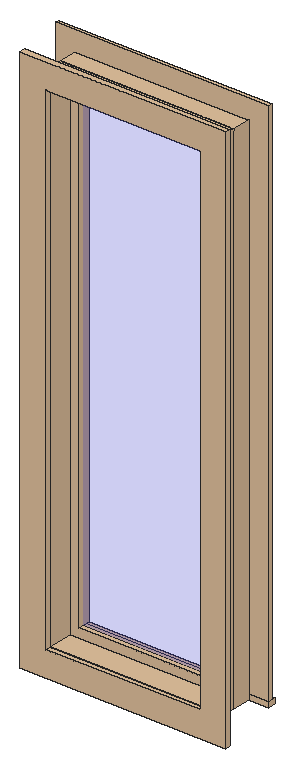
Revit family
Parameters (values of type "0610 x 1830mm")
  Glass Pane Material = Glass
  Height = 1830.00 mm
  Sash = Sash
  Default Sill Height = 610.00 mm
  Trim Exterior Material = Trim
  Trim Interior Material = Trim
  Trim Projection - Ext. = 13.00 mm
  Trim Projection - Int. = 19.00 mm
  Trim Width - Exterior = 89.00 mm
  Trim Width - Interior = 88.90 mm
  Wall Closure = (empty or 0)
  Width = 610.00 mm
  Window Inset = 19.00 mm
Types (10, lengths in mm): name | Height | Default Sill Height | Trim Projection - Int. | Trim Width - Interior | Width
  (no name) | 1830.00 | 610.00 | 19.00 | 88.90 | 610.00
  0915 x 1220mm | 1220.00 | 915.00 | 19.00 | 89.00 | 915.00
  0610 x 1220mm | 1220.00 | 915.00 | 19.00 | 89.00 | 610.00
  0610 x 0610mm | 610.00 | 915.00 | 9.00 | 89.00 | 610.00
  0406 x 0610mm | 610.00 | 915.00 | 19.00 | 89.00 | 406.00
  0406 x 1220mm | 1220.00 | 915.00 | 19.00 | 89.00 | 406.00
  0406 x 1830mm | 1830.00 | 305.00 | 19.00 | 89.00 | 406.00
  0610 x 1830mm | 1830.00 | 610.00 | 19.00 | 88.90 | 610.00
  0915 x 0610mm | 610.00 | 915.00 | 19.00 | 89.00 | 915.00
  0915 x 1830mm | 1830.00 | 305.00 | 19.00 | 89.00 | 915.00
Reference planes
  plane 1: y = 0
  plane 2: z = 0
  plane 3 "Center": x = 0
  plane 4 "Left": x = -305
  plane 5 "Right": x = 305
  plane 6 "Sill": z = 610
  plane 7 "Top": z = 2440
  plane 8: y = 76.2
  plane 9: y = -76.2
  plane 10: y = 57.2
  plane 11: x = -273.25
  plane 12: x = -285.95
  plane 13: x = -362.15
  plane 14: x = -374.95
  plane 15: x = 273.25
  plane 16: x = 362.15
  plane 17: x = 374.95
  plane 18: x = 285.95
  plane 19: z = 2497.15
  plane 20: z = 2509.95
  plane 21: z = 2408.25
  plane 22: z = 2420.95
  plane 23: z = 552.85
  plane 24: z = 641.75
  plane 25 "Closure": y = 28.625
Forms (mm)
  Extrusion 1, solid, material "Trim" <- "Trim Exterior Material"
    sketch origin (0, 0, 0) x (1, 0, 0) y (0, 0, 1)
      loop
        line (-305, 2440) -> (-305, 610) -> (305, 610) -> (305, 2440) -> (-305, 2440)
      loop
        line (-285.95, 2420.95) -> (-285.95, 629.05) -> (285.95, 629.05) -> (285.95, 2420.95) -> (-285.95, 2420.95)
    from -76.2 to -12.75
  Extrusion 2, solid, material "Trim" <- "Trim Interior Material"
    sketch origin (0, 0, 0) x (-1, 0, 0) y (0, 0, 1)
      loop
        line (-305, 2440) -> (-305, 610) -> (305, 610) -> (305, 2440) -> (-305, 2440)
      loop
        line (-273.25, 2408.25) -> (-273.25, 641.75) -> (273.25, 641.75) -> (273.25, 2408.25) -> (-273.25, 2408.25)
    from 12.75 to -76.2
  Extrusion 3, solid, material "Sash" <- "Sash"
    sketch origin (0, 0, 0) x (-1, 0, 0) y (0, 0, 1)
      loop
        line (-285.95, 2420.95) -> (-285.95, 629.05) -> (285.95, 629.05) -> (285.95, 2420.95) -> (-285.95, 2420.95)
      loop
        line (-241.5, 2376.5) -> (-241.5, 673.5) -> (241.5, 673.5) -> (241.5, 2376.5) -> (-241.5, 2376.5)
    from 12.75 to 57.2
  Extrusion 4, solid, material "Glass" <- "Glass Pane Material"
    sketch origin (-124.971, 0, -117.036) x (1, 0, 0) y (0, 0, 1)
      loop
        line (-116.529, 2493.536) -> (-116.529, 790.536) -> (366.471, 790.536) -> (366.471, 2493.536) -> (-116.529, 2493.536)
    from -41.325 to -28.625
  Extrusion 5, solid, material "Trim" <- "Trim Interior Material"
    sketch origin (0, 0, 0) x (1, 0, 0) y (0, 0, 1)
      loop
        line (-273.25, 2408.25) -> (-273.25, 641.75) -> (273.25, 641.75) -> (273.25, 2408.25) -> (-273.25, 2408.25)
      loop
        line (-362.15, 2497.15) -> (-362.15, 552.85) -> (362.15, 552.85) -> (362.15, 2497.15) -> (-362.15, 2497.15)
    from 76.2 to 95.2
  Extrusion 6, solid, material "Trim" <- "Trim Exterior Material"
    sketch origin (0, 0, 0) x (-1, 0, 0) y (0, 0, 1)
      loop
        line (-285.95, 2420.95) -> (285.95, 2420.95) -> (285.95, 629.05) -> (374.95, 629.05) -> (374.95, 2509.95) -> (-374.95, 2509.95) -> (-374.95, 629.05) -> (-285.95, 629.05) -> (-285.95, 2420.95)
    from 76.2 to 89.2
  Extrusion 7, solid, material "Trim" <- "Trim Exterior Material"
    sketch origin (0, 0, 0) x (-1, 0, 0) y (0, 0, 1)
      loop
        line (-374.95, 629.05) -> (-374.95, 610) -> (374.95, 610) -> (374.95, 629.05) -> (-374.95, 629.05)
    from 76.2 to 101.9
Lines and regions (mm)
  Opening 1
    outline origin (-1524, -76.2, 0) x (1, 0, 0) y (0, 0, 1)
      loop
        line (1219, 2440) -> (1219, 610) -> (1829, 610) -> (1829, 2440) -> (1219, 2440)
  symbolic lines, style "WindowsFrameMullionProjection"
    curve 1: line (-305, 76.2, 0) -> (-285.95, 76.2, 0)
    curve 2: line (-285.95, 12.75, 0) -> (-285.95, 76.2, 0)
    curve 3: line (-285.95, 12.75, 0) -> (-273.25, 12.75, 0)
    curve 4: line (-273.25, -76.2, 0) -> (-273.25, 12.75, 0)
    curve 5: line (305, 76.2, 0) -> (285.95, 76.2, 0)
    curve 6: line (273.25, 12.75, 0) -> (273.25, -76.2, 0)
    curve 7: line (273.25, 12.75, 0) -> (285.95, 12.75, 0)
    curve 8: line (285.95, 12.75, 0) -> (285.95, 76.2, 0)
    curve 9: line (-285.95, 57.2, 0) -> (-241.5, 57.2, 0)
    curve 10: line (-285.95, 57.2, 0) -> (-285.95, 12.75, 0)
    curve 11: line (-285.95, 12.75, 0) -> (-241.5, 12.75, 0)
    curve 12: line (-241.5, 57.2, 0) -> (-241.5, 12.75, 0)
    curve 13: line (285.95, 57.2, 0) -> (241.5, 57.2, 0)
    curve 14: line (285.95, 57.2, 0) -> (285.95, 12.75, 0)
    curve 15: line (285.95, 12.75, 0) -> (241.5, 12.75, 0)
    curve 16: line (241.5, 57.2, 0) -> (241.5, 12.75, 0)
    curve 22: line (-273.25, -76.2, 0) -> (-305, -76.2, 0)
    curve 23: line (273.25, -76.2, 0) -> (305, -76.2, 0)
  symbolic lines, style "WindowsGlassProjection"
    curve 17: line (-241.5, 34.975, 0) -> (241.5, 34.975, 0)
  symbolic lines, style "Elevation Swing"
    curve 18: line (241.5, 57.2, 673.5) -> (0, 57.2, 2376.5)
    curve 19: line (0, 57.2, 2376.5) -> (-241.5, 57.2, 673.5)
    curve 20: line (-241.5, 12.75, 673.5) -> (0, 12.75, 2376.5)
    curve 21: line (241.5, 12.75, 673.5) -> (0, 12.75, 2376.5)
Text (mm)
  text "EXTERIOR" at (-1437.207, 772.553, 0), in view "Floor Line"
  text "INTERIOR" at (-1437.207, -675.393, 0), in view "Floor Line"
  text "Exterior" at (0, 1108.87, 3415.022), in view "Left"
  text "Exterior" at (0, 464.664, 3176.206), in view "Right"
Dimensions and locks
  equal spacing: plane 4 "Left", plane 3 "Center", plane 5 "Right"
  "Width": plane 4 "Left" to plane 5 "Right"
  "Window Inset": plane 8 to plane 10
  locked: plane 10 to Extrusion 3 at 44.45
  locked: plane 10 to Extrusion 4 at 15.875
  locked: Extrusion 4 to Extrusion 4 at 12.7
  "Trim Projection - Int.": Extrusion 5 to Extrusion 5
  "Trim Projection - Ext.": Extrusion 6 to Extrusion 6
  locked: Extrusion 7 to Extrusion 6 at 12.7
  locked: plane 4 "Left" to plane 12 at 19.05
  locked: plane 18 to plane 5 "Right" at 19.05
  locked: plane 15 to plane 5 "Right" at 31.75
  locked: plane 4 "Left" to plane 11 at 31.75
  locked: plane 22 to plane 7 "Top" at 19.05
  "Trim Width - Exterior": plane 22 to plane 20
  "Trim Width - Exterior": plane 18 to plane 17
  "Trim Width - Exterior": plane 14 to plane 12
  "Trim Width - Interior": plane 13 to plane 11
  "Trim Width - Interior": plane 15 to plane 16
  locked: plane 24 to plane 6 "Sill" at 31.75
  "Trim Width - Interior": plane 24 to plane 23
  "Trim Width - Interior": plane 19 to plane 21
  locked: plane 7 "Top" to plane 21 at 31.75
  locked: Extrusion 7 sketch curve to Extrusion 7 sketch curve at 19.05
  "Height": plane 7 "Top" to plane 6 "Sill"
  "Default Sill Height": plane 6 "Sill" to plane 2
  locked: plane 25 "Closure" to plane 8 at 47.575
  aligned and locked: plane 7 "Top" to Opening 1 sketch curve
  aligned and locked: plane 6 "Sill" to Opening 1 sketch curve  (x2)
  aligned and locked: plane 5 "Right" to Opening 1 sketch curve
  aligned and locked: plane 4 "Left" to Opening 1 sketch curve
  aligned and locked: plane 9 to host wall
  aligned and locked: host wall to Extrusion 2
  aligned and locked: plane 10 to Extrusion 3
  aligned and locked: host wall to plane 8
  aligned and locked: host wall to Extrusion 1
  aligned and locked: Extrusion 2 to Extrusion 1
  aligned and locked: Extrusion 1 to Extrusion 3
  aligned and locked: Extrusion 4 sketch curve to Extrusion 3  (x4)
  aligned and locked: curve 5 to Extrusion 1  (x2)
  aligned and locked: curve 6 to Extrusion 2
  aligned and locked: curve 4 to Extrusion 2
  aligned and locked: curve 16 to Extrusion 3
  aligned and locked: Extrusion 1 to curve 11
  aligned and locked: Extrusion 1 to curve 7
  aligned and locked: Extrusion 3 to curve 18
  aligned and locked: Extrusion 5 sketch curve to Extrusion 2  (x4)
  aligned and locked: Extrusion 5 to host wall
  aligned and locked: Extrusion 7 sketch curve to Extrusion 6  (x2)
  aligned and locked: Extrusion 7 to host wall
  aligned and locked: Extrusion 6 to host wall
Automatic sketch dimensions
  Extrusion 1 sketch curve to plane 4 "Left" = 0.00 mm
  Extrusion 1 sketch curve to plane 5 "Right" = 0.00 mm
  Extrusion 1 sketch curve to plane 4 "Left" = 19.05 mm
  plane 5 "Right" to Extrusion 1 sketch curve = 19.05 mm
  Extrusion 1 sketch curve to plane 6 "Sill" = 0.00 mm
  Extrusion 1 sketch curve to plane 7 "Top" = 0.00 mm
  Extrusion 1 sketch curve to plane 6 "Sill" = 19.05 mm
  plane 7 "Top" to Extrusion 1 sketch curve = 19.05 mm
  Extrusion 2 sketch curve to plane 5 "Right" = 0.00 mm
  Extrusion 2 sketch curve to plane 4 "Left" = 0.00 mm
  plane 5 "Right" to Extrusion 2 sketch curve = 31.75 mm
  Extrusion 2 sketch curve to plane 4 "Left" = 31.75 mm
  Extrusion 2 sketch curve to plane 6 "Sill" = 0.00 mm
  Extrusion 2 sketch curve to plane 7 "Top" = 0.00 mm
  Extrusion 2 sketch curve to plane 6 "Sill" = 31.75 mm
  plane 7 "Top" to Extrusion 2 sketch curve = 31.75 mm
  plane 5 "Right" to Extrusion 3 sketch curve = 19.05 mm
  plane 5 "Right" to Extrusion 3 sketch curve = 63.50 mm
  Extrusion 3 sketch curve to plane 4 "Left" = 63.50 mm
  Extrusion 3 sketch curve to plane 4 "Left" = 19.05 mm
  Extrusion 3 sketch curve to plane 6 "Sill" = 19.05 mm
  Extrusion 3 sketch curve to plane 6 "Sill" = 63.50 mm
  plane 7 "Top" to Extrusion 3 sketch curve = 63.50 mm
  plane 7 "Top" to Extrusion 3 sketch curve = 19.05 mm
  curve 20 to plane 3 "Center" = 0.00 mm
  curve 20 to curve 19 = 0.00 mm
  curve 20 to plane 6 "Sill" = 63.50 mm
  curve 21 to plane 6 "Sill" = 63.50 mm
  curve 19 to curve 20 = 0.00 mm  (x2)
  curve 18 to curve 21 = 0.00 mm  (x2)
  curve 19 to plane 3 "Center" = 0.00 mm
  curve 20 to plane 4 "Left" = 63.50 mm
  plane 5 "Right" to curve 21 = 63.50 mm
  curve 22 to plane 4 "Left" = 0.00 mm
  curve 1 to plane 4 "Left" = 0.00 mm
  curve 2 to plane 8 = 0.00 mm
  curve 10 to plane 10 = 0.00 mm
  curve 13 to plane 10 = 0.00 mm
  curve 23 to plane 5 "Right" = 0.00 mm
  curve 1 to curve 2 = 19.05 mm
  curve 9 to curve 12 = 44.45 mm
  plane 5 "Right" to curve 13 = 19.05 mm
  curve 23 to plane 9 = 0.00 mm
  curve 4 to plane 9 = 0.00 mm
  curve 11 to curve 17 = 22.225 mm
  Extrusion 7 sketch curve to plane 14 = 0.00 mm
  Extrusion 5 sketch curve to plane 13 = 0.00 mm
  Extrusion 5 sketch curve to plane 16 = 0.00 mm
  Extrusion 5 sketch curve to plane 23 = 0.00 mm
  Extrusion 5 sketch curve to plane 19 = 0.00 mm
  Extrusion 6 sketch curve to plane 17 = 0.00 mm
  Extrusion 6 sketch curve to plane 18 = 0.00 mm
  Extrusion 6 sketch curve to plane 12 = 0.00 mm
  Extrusion 6 sketch curve to plane 14 = 0.00 mm
  Extrusion 6 sketch curve to plane 22 = 0.00 mm
  Extrusion 6 sketch curve to plane 20 = 0.00 mm
  Extrusion 6 sketch curve to plane 6 "Sill" = 19.05 mm  (x2)
